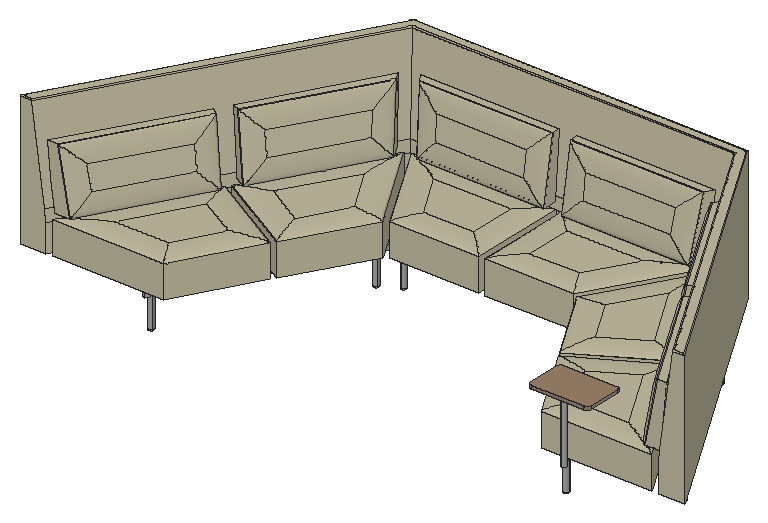
Revit family "Reveal Mid Back 983-173AT", category Furniture, Revit 2016
Family settings
  OmniClass Number = 23.40.20.00
  OmniClass Title = General Furniture and Specialties
  Work Plane-Based = No
  Always vertical = Yes
  Cut with Voids When Loaded = No
  Shared = No
  Room Calculation Point = No
Parameters
  URL = "http://www.martinbrattrud.com"
  Table Top [instance] = MB Wood Cherry
  SCS Certified Product = "Yes"
  Model = "Reveal 983-173 AT"
  Manufacturer = "Martin Brattrud, Inc."
  Leg = none
  Keynote = "125000"
  Copyright = "© 2013 Martin Brattrud, Inc."
  Chair [instance] = none
  Back Cushion [instance] = none
  Authoring Version = "Revit Architecture 2010"
  Assembly Code = "E2020200"
Reference planes
  plane 1 "Center Front/Back": y = 0
  plane 2: z = 0
  plane 3 "Center Left/Right": x = 0
  plane 4: z = 0
  plane 5: z = 1060.45
Forms (mm)
  Sweep 1, solid, material <- "Chair"
    path in 3D
      loop
        line (-19.05, -390.525, 431.8) -> (-19.05, 212.725, 431.8) -> (-926.137, 212.725, 431.8) -> (-577.85, -390.525, 431.8) -> (-19.05, -390.525, 431.8)
    profile origin (-298.45, -390.525, 431.8) x (0, 1, 0) y (0, 0, 1)
      loop
        line (153.194, 0) -> (153.194, 19.05)
        spline (153.194, 19.05) -> (133.302, 18.887) -> (113.75, 18.401) -> (94.873, 17.6) -> (76.994, 16.498) -> (60.419, 15.113) -> (45.431, 13.47) -> (32.287, 11.597) -> (21.211, 9.525) -> (12.395, 7.29) -> (5.987, 4.931) -> (2.098, 2.487) -> (0.794, 0)
        line (0.794, 0) -> (153.194, 0)
  Extrusion 2, void
    sketch origin (0, -938.609, 558.8) x (0, 1, 0) y (0, 0, 1)
      loop
        line (-471.831, 501.65) -> (-471.037, 501.65)
        arc (-471.037, 501.65) -> (-469.178, 506.14) -> (-464.687, 508) r 6.35
        line (-464.687, 508) -> (-464.687, 514.35) -> (-560.731, 514.35) -> (-560.731, -330.2) -> (-471.831, -330.2) -> (-471.831, 501.65)
    from -2133.6 to 2133.6
  Extrusion 3, solid, material <- "Leg"
    sketch origin (0, 0, 0) x (1, 0, 0) y (0, 1, 0)
      loop
        line (-603.25, 320.675) -> (-603.25, 146.05) -> (-909.639, 146.05) -> (-1062.833, -119.29) -> (-1214.063, -31.978) -> (-1223.588, -48.476) -> (-1072.358, -135.788) -> (-1656.558, -1147.652) -> (-1807.788, -1060.34) -> (-1817.313, -1076.838) -> (-1319.63, -1364.175) -> (-1333.917, -1388.922) -> (-1317.419, -1398.447) -> (-667.671, -273.05) -> (667.671, -273.05) -> (1336.73, -1431.894) -> (1353.228, -1422.369) -> (1319.63, -1364.175) -> (1817.313, -1076.838) -> (1807.788, -1060.34) -> (1656.558, -1147.652) -> (1072.358, -135.788) -> (1223.588, -48.476) -> (1214.063, -31.978) -> (1062.833, -119.29) -> (909.639, 146.05) -> (603.25, 146.05) -> (603.25, 320.675) -> (584.2, 320.675) -> (584.2, 146.05) -> (-584.2, 146.05) -> (-584.2, 320.675) -> (-603.25, 320.675)
      loop
        line (-584.2, -254) -> (-127, -254) -> (-127, 127) -> (-584.2, 127) -> (-584.2, -254)
      loop
        line (-603.25, -254) -> (-603.25, 127) -> (-898.64, 127) -> (-1046.335, -128.815) -> (-716.38, -319.315) -> (-678.67, -254) -> (-603.25, -254)
      loop
        line (-107.95, 127) -> (-107.95, -254) -> (107.95, -254) -> (107.95, 127) -> (-107.95, 127)
      loop
        line (584.2, -254) -> (584.2, 127) -> (127, 127) -> (127, -254) -> (584.2, -254)
      loop
        line (-725.905, -335.813) -> (-1055.86, -145.313) -> (-1284.46, -541.26) -> (-954.505, -731.76) -> (-725.905, -335.813)
      loop
        line (-1401.935, -744.733) -> (-1071.98, -935.233) -> (-964.03, -748.258) -> (-1293.985, -557.758) -> (-1401.935, -744.733)
      loop
        line (-1081.505, -951.731) -> (-1411.46, -761.231) -> (-1640.06, -1157.177) -> (-1310.105, -1347.677) -> (-1081.505, -951.731)
      loop
        line (603.25, -254) -> (678.67, -254) -> (716.38, -319.315) -> (1046.335, -128.815) -> (898.64, 127) -> (603.25, 127) -> (603.25, -254)
      loop
        line (725.905, -335.813) -> (954.505, -731.76) -> (1284.46, -541.26) -> (1055.86, -145.313) -> (725.905, -335.813)
      loop
        line (1401.935, -744.733) -> (1293.985, -557.758) -> (964.03, -748.258) -> (1071.98, -935.233) -> (1401.935, -744.733)
      loop
        line (1081.505, -951.731) -> (1310.105, -1347.677) -> (1640.06, -1157.177) -> (1411.46, -761.231) -> (1081.505, -951.731)
    from 190.472 to 228.6
  Extrusion 4, solid, material <- "Leg"
    sketch origin (0, 0, 0) x (1, 0, 0) y (0, 1, 0)
      loop
        line (-584.2, 276.225) -> (584.2, 276.225) -> (584.2, 352.425) -> (-584.2, 352.425) -> (-584.2, 276.225)
      loop
        line (-1769.293, -1082.565) -> (-1185.093, -70.701) -> (-1251.084, -32.601) -> (-1835.284, -1044.465) -> (-1769.293, -1082.565)
      loop
        line (1769.293, -1082.565) -> (1835.284, -1044.465) -> (1251.084, -32.601) -> (1185.093, -70.701) -> (1769.293, -1082.565)
    from 203.2 to 228.6
  Sweep 5, solid, material <- "Chair"
    path origin (0, 0, 0) x (1, 0, 0) y (0, 1, 0)
      loop
        line (2090.574, -1410.441) -> (1050.786, 390.525) -> (-1050.786, 390.525) -> (-2090.574, -1410.441)
    profile origin (0, 390.525, 0) x (0, -1, 0) y (0, 0, 1)
      loop
        line (0, 1060.45) -> (0, 228.6) -> (139.7, 228.6) -> (139.7, 401.904)
        arc (139.7, 401.904) -> (138.491, 441.381) -> (134.868, 480.71) r 645.001
        line (134.868, 480.71) -> (63.5, 1060.45) -> (0, 1060.45)
  Extrusion 6, solid, material <- "Chair"
    sketch origin (0, 0, 0) x (1, 0, 0) y (0, 1, 0)
      loop
        line (-1431.725, -624.881) -> (-1885.269, -1410.441) -> (-1188.696, -1410.441) -> (-909.296, -926.506) -> (-1431.725, -624.881)
      loop
        line (-610.846, -409.575) -> (-959.132, 193.675) -> (-1412.675, -591.885) -> (-890.246, -893.51) -> (-610.846, -409.575)
      loop
        line (-926.137, 212.725) -> (-577.85, -390.525) -> (-19.05, -390.525) -> (-19.05, 212.725) -> (-926.137, 212.725)
      loop
        line (1431.725, -624.881) -> (909.296, -926.506) -> (1188.696, -1410.441) -> (1885.269, -1410.441) -> (1431.725, -624.881)
      loop
        line (610.846, -409.575) -> (890.246, -893.51) -> (1412.675, -591.885) -> (959.132, 193.675) -> (610.846, -409.575)
      loop
        line (926.137, 212.725) -> (19.05, 212.725) -> (19.05, -390.525) -> (577.85, -390.525) -> (926.137, 212.725)
    from 228.6 to 431.8
  Extrusion 7, solid, material <- "Chair"
    sketch origin (0, 0, 0) x (1, 0, 0) y (0, 1, 0)
      loop
        line (-660.797, 59.531) -> (-489.404, -237.331) -> (-172.244, -237.331) -> (-172.244, 59.531) -> (-660.797, 59.531)
    from 431.8 to 450.85
  Sweep 8, solid, material <- "Chair"
    path in 3D
      loop
        line (19.05, -390.525, 431.8) -> (19.05, 212.725, 431.8) -> (926.137, 212.725, 431.8) -> (577.85, -390.525, 431.8) -> (19.05, -390.525, 431.8)
    profile origin (298.45, -390.525, 431.8) x (0, -1, 0) y (0, 0, 1)
      loop
        line (-153.194, 0) -> (-0.794, 0)
        spline (-0.794, 0) -> (-2.098, 2.487) -> (-5.987, 4.931) -> (-12.395, 7.29) -> (-21.211, 9.525) -> (-32.287, 11.597) -> (-45.431, 13.47) -> (-60.419, 15.113) -> (-76.994, 16.498) -> (-94.873, 17.6) -> (-113.75, 18.401) -> (-133.302, 18.887) -> (-153.194, 19.05)
        line (-153.194, 19.05) -> (-153.194, 0)
  Extrusion 9, solid, material <- "Chair"
    sketch origin (0, 0, 0) x (-1, 0, 0) y (0, -1, 0)
      loop
        line (-660.797, -59.531) -> (-172.244, -59.531) -> (-172.244, 237.331) -> (-489.404, 237.331) -> (-660.797, -59.531)
    from 431.8 to 450.85
  Sweep 10, solid, material <- "Chair"
    path in 3D
      loop
        line (-909.296, -926.506, 431.8) -> (-1431.725, -624.881, 431.8) -> (-1885.269, -1410.441, 431.8) -> (-1188.696, -1410.441, 431.8) -> (-909.296, -926.506, 431.8)
    profile origin (-1048.996, -1168.473, 431.8) x (-0.866025, 0.5, 0) y (0, 0, 1)
      loop
        line (153.194, 0) -> (153.194, 19.05)
        spline (153.194, 19.05) -> (133.302, 18.887) -> (113.75, 18.401) -> (94.873, 17.6) -> (76.994, 16.498) -> (60.419, 15.113) -> (45.431, 13.47) -> (32.287, 11.597) -> (21.211, 9.525) -> (12.395, 7.29) -> (5.987, 4.931) -> (2.098, 2.487) -> (0.794, 0)
        line (0.794, 0) -> (153.194, 0)
  Extrusion 11, solid, material <- "Chair"
    sketch origin (-1237.975, -714.745, 0) x (0.5, 0.866025, 0) y (-0.866025, 0.5, 0)
      loop
        line (-660.797, 59.531) -> (-489.404, -237.331) -> (-172.244, -237.331) -> (-172.244, 59.531) -> (-660.797, 59.531)
    from 431.8 to 450.85
  Sweep 12, solid, material <- "Chair"
    path in 3D
      loop
        line (-890.246, -893.51, 431.8) -> (-1412.675, -591.885, 431.8) -> (-959.132, 193.675, 431.8) -> (-610.846, -409.575, 431.8) -> (-890.246, -893.51, 431.8)
    profile origin (-750.546, -651.542, 431.8) x (0.866025, -0.5, 0) y (0, 0, 1)
      loop
        line (-153.194, 0) -> (-0.794, 0)
        spline (-0.794, 0) -> (-2.098, 2.487) -> (-5.987, 4.931) -> (-12.395, 7.29) -> (-21.211, 9.525) -> (-32.287, 11.597) -> (-45.431, 13.47) -> (-60.419, 15.113) -> (-76.994, 16.498) -> (-94.873, 17.6) -> (-113.75, 18.401) -> (-133.302, 18.887) -> (-153.194, 19.05)
        line (-153.194, 19.05) -> (-153.194, 0)
  Extrusion 13, solid, material <- "Chair"
    sketch origin (-1237.975, -714.745, 0) x (-0.5, -0.866025, 0) y (0.866025, -0.5, 0)
      loop
        line (-660.797, -59.531) -> (-172.244, -59.531) -> (-172.244, 237.331) -> (-489.404, 237.331) -> (-660.797, -59.531)
    from 431.8 to 450.85
  Sweep 14, solid, material <- "Chair"
    path in 3D
      loop
        line (909.296, -926.506, 431.8) -> (1431.725, -624.881, 431.8) -> (1885.269, -1410.441, 431.8) -> (1188.696, -1410.441, 431.8) -> (909.296, -926.506, 431.8)
    profile origin (1048.996, -1168.473, 431.8) x (-0.866025, -0.5, 0) y (0, 0, 1)
      loop
        line (-153.194, 0) -> (-0.794, 0)
        spline (-0.794, 0) -> (-2.098, 2.487) -> (-5.987, 4.931) -> (-12.395, 7.29) -> (-21.211, 9.525) -> (-32.287, 11.597) -> (-45.431, 13.47) -> (-60.419, 15.113) -> (-76.994, 16.498) -> (-94.873, 17.6) -> (-113.75, 18.401) -> (-133.302, 18.887) -> (-153.194, 19.05)
        line (-153.194, 19.05) -> (-153.194, 0)
  Extrusion 15, solid, material <- "Chair"
    sketch origin (1237.975, -714.745, 0) x (-0.5, 0.866025, 0) y (-0.866025, -0.5, 0)
      loop
        line (-660.797, -59.531) -> (-172.244, -59.531) -> (-172.244, 237.331) -> (-489.404, 237.331) -> (-660.797, -59.531)
    from 431.8 to 450.85
  Sweep 16, solid, material <- "Chair"
    path in 3D
      loop
        line (890.246, -893.51, 431.8) -> (1412.675, -591.885, 431.8) -> (959.132, 193.675, 431.8) -> (610.846, -409.575, 431.8) -> (890.246, -893.51, 431.8)
    profile origin (750.546, -651.542, 431.8) x (0.866025, 0.5, 0) y (0, 0, 1)
      loop
        line (153.194, 0) -> (153.194, 19.05)
        spline (153.194, 19.05) -> (133.302, 18.887) -> (113.75, 18.401) -> (94.873, 17.6) -> (76.994, 16.498) -> (60.419, 15.113) -> (45.431, 13.47) -> (32.287, 11.597) -> (21.211, 9.525) -> (12.395, 7.29) -> (5.987, 4.931) -> (2.098, 2.487) -> (0.794, 0)
        line (0.794, 0) -> (153.194, 0)
  Extrusion 17, solid, material <- "Chair"
    sketch origin (1237.975, -714.745, 0) x (0.5, -0.866025, 0) y (0.866025, 0.5, 0)
      loop
        line (-660.797, 59.531) -> (-489.404, -237.331) -> (-172.244, -237.331) -> (-172.244, 59.531) -> (-660.797, 59.531)
    from 431.8 to 450.85
  Sweep 18, solid, material <- "Chair"
    path origin (0, 0, 0) x (1, 0, 0) y (0, 1, 0)
      loop
        line (-1965.11, -1372.341) -> (-999.053, 300.919) -> (999.053, 300.919) -> (1965.11, -1372.341)
    profile origin (0, 300.919, 0) x (0, 1, 0) y (0, 0, 1)
      loop
        line (-48.848, 447.17) -> (-16.628, 844.552) -> (-67.428, 844.552) -> (-136.165, 447.17) -> (-48.848, 447.17)
  Extrusion 19, void
    sketch origin (0, 0, 0) x (1, 0, 0) y (0, 1, 0)
      loop
        line (-1527.154, -613.779) -> (-1401.282, -686.451) -> (-1344.132, -587.464) -> (-1470.004, -514.792) -> (-1527.154, -613.779)
      loop
        line (-930.152, 67.28) -> (-831.165, 124.43) -> (-950.632, 331.352) -> (-1049.618, 274.202) -> (-930.152, 67.28)
      loop
        line (-1797.28, -1372.341) -> (-1968.73, -1372.341) -> (-1968.73, -1467.591) -> (-1797.28, -1467.591) -> (-1797.28, -1372.341)
      loop
        line (1527.154, -613.779) -> (1470.004, -514.792) -> (1344.132, -587.464) -> (1401.282, -686.451) -> (1527.154, -613.779)
      loop
        line (930.152, 67.28) -> (1049.618, 274.202) -> (950.632, 331.352) -> (831.165, 124.43) -> (930.152, 67.28)
      loop
        line (1797.28, -1372.341) -> (1797.28, -1467.591) -> (1968.73, -1467.591) -> (1968.73, -1372.341) -> (1797.28, -1372.341)
      loop
        line (-57.15, 300.919) -> (-57.15, 155.575) -> (57.15, 155.575) -> (57.15, 300.919) -> (-57.15, 300.919)
    from 447.17 to 844.552
  Sweep 20, solid, material <- "Chair"
    path in 3D
      loop
        line (-894.132, 233.491, 844.552) -> (-854.447, 164.755, 447.17) -> (-57.15, 164.755, 447.17) -> (-57.15, 233.491, 844.552) -> (-894.132, 233.491, 844.552)
    profile origin (-475.641, 233.491, 844.552) x (0, -1, 0) y (0, 0, 1)
      loop
        line (0.135, -0.782) -> (25.975, -150.17) -> (41.618, -147.464) -> (37.424, -123.218)
        spline (37.424, -123.218) -> (34.465, -106.907) -> (31.289, -90.921) -> (27.95, -75.534) -> (24.505, -61.01) -> (21.014, -47.596) -> (17.536, -35.522) -> (14.131, -24.995) -> (10.857, -16.195) -> (7.769, -9.273) -> (4.921, -4.346) -> (2.362, -1.5) -> (0.135, -0.782)
  Sweep 21, solid, material <- "Chair"
    path in 3D
      loop
        line (209.55, 190.73, 597.34) -> (209.55, 175.088, 600.046)
    profile origin (209.55, 182.909, 598.693) x (0, -0.170442, -0.985368) y (1, 0, 0)
      loop
        line (0, 0) -> (0, 506.758) -> (-98.483, 516.449) -> (-98.483, 0) -> (0, 0)
  Sweep 22, solid, material <- "Chair"
    path in 3D
      loop
        line (-1298.377, -437.905, 597.34) -> (-1284.83, -445.726, 600.046)
    profile origin (-1291.604, -441.815, 598.693) x (0.147607, -0.085221, -0.985368) y (0.5, 0.866025, 0)
      loop
        line (0, 0) -> (0, 506.758) -> (-98.483, 516.449) -> (-98.483, 0) -> (0, 0)
  Sweep 23, solid, material <- "Chair"
    path in 3D
      loop
        line (1284.83, -445.726, 600.046) -> (1298.377, -437.905, 597.34)
    profile origin (1291.604, -441.815, 598.693) x (-0.147607, -0.085221, -0.985368) y (-0.5, 0.866025, 0)
      loop
        line (0, 0) -> (0, 506.758) -> (-98.483, 516.449) -> (-98.483, 0) -> (0, 0)
  Sweep 24, solid, material <- "Chair"
    path in 3D
      loop
        line (-209.55, 190.73, 597.34) -> (-209.55, 175.088, 600.046)
    profile origin (-209.55, 182.909, 598.693) x (0, 0.170442, 0.985368) y (-1, 0, 0)
      loop
        line (0, 0) -> (98.483, 0) -> (98.483, 516.449) -> (0, 506.758) -> (0, 0)
  Sweep 25, solid, material <- "Chair"
    path in 3D
      loop
        line (-1507.927, -800.856, 597.34) -> (-1494.38, -808.677, 600.046)
    profile origin (-1501.154, -804.766, 598.693) x (0, 0.326935, 0.945047) y (-0.521333, -0.806459, 0.278991)
      loop
        line (0, 0) -> (94.453, 27.884) -> (-51.772, 523.2) -> (-143.48, 486.021) -> (0, 0)
  Sweep 26, solid, material <- "Chair"
    path in 3D
      loop
        line (1507.927, -800.856, 597.34) -> (1494.38, -808.677, 600.046)
    profile origin (1501.154, -804.766, 598.693) x (0, -0.326935, -0.945047) y (0.521333, -0.806459, 0.278991)
      loop
        line (0, 0) -> (143.48, 486.021) -> (51.772, 523.2) -> (-94.453, 27.884) -> (0, 0)
  Sweep 27, solid, material <- "Chair"
    path in 3D
      loop
        line (894.132, 233.491, 844.552) -> (854.447, 164.755, 447.17) -> (57.15, 164.755, 447.17) -> (57.15, 233.491, 844.552) -> (894.132, 233.491, 844.552)
    profile origin (475.641, 233.491, 844.552) x (0, 1, 0) y (0, 0, 1)
      loop
        spline (-0.135, -0.782) -> (-2.362, -1.5) -> (-4.921, -4.346) -> (-7.769, -9.273) -> (-10.857, -16.195) -> (-14.131, -24.995) -> (-17.536, -35.522) -> (-21.014, -47.596) -> (-24.505, -61.01) -> (-27.95, -75.534) -> (-31.289, -90.921) -> (-34.465, -106.907) -> (-37.424, -123.218)
        line (-37.424, -123.218) -> (-41.618, -147.464) -> (-25.975, -150.17) -> (-0.135, -0.782)
  Sweep 28, solid, material <- "Chair"
    path in 3D
      loop
        line (-1887.25, -1372.341, 844.552) -> (-1807.881, -1372.341, 447.17) -> (-1409.232, -681.861, 447.17) -> (-1468.759, -647.493, 844.552) -> (-1887.25, -1372.341, 844.552)
    profile origin (-1678.005, -1009.917, 844.552) x (0.866025, -0.5, 0) y (0, 0, 1)
      loop
        line (0.135, -0.782) -> (25.975, -150.17) -> (41.618, -147.464) -> (37.424, -123.218)
        spline (37.424, -123.218) -> (34.465, -106.907) -> (31.289, -90.921) -> (27.95, -75.534) -> (24.505, -61.01) -> (21.014, -47.596) -> (17.536, -35.522) -> (14.131, -24.995) -> (10.857, -16.195) -> (7.769, -9.273) -> (4.921, -4.346) -> (2.362, -1.5) -> (0.135, -0.782)
  Sweep 29, solid, material <- "Chair"
    path in 3D
      loop
        line (-993.119, 176.341, 844.552) -> (-953.434, 107.605, 447.17) -> (-1352.082, -582.874, 447.17) -> (-1411.609, -548.506, 844.552) -> (-993.119, 176.341, 844.552)
    profile origin (-1202.364, -186.083, 844.552) x (-0.866025, 0.5, 0) y (0, 0, 1)
      loop
        spline (-0.135, -0.782) -> (-2.362, -1.5) -> (-4.921, -4.346) -> (-7.769, -9.273) -> (-10.857, -16.195) -> (-14.131, -24.995) -> (-17.536, -35.522) -> (-21.014, -47.596) -> (-24.505, -61.01) -> (-27.95, -75.534) -> (-31.289, -90.921) -> (-34.465, -106.907) -> (-37.424, -123.218)
        line (-37.424, -123.218) -> (-41.618, -147.464) -> (-25.975, -150.17) -> (-0.135, -0.782)
  Sweep 30, solid, material <- "Chair"
    path in 3D
      loop
        line (993.119, 176.341, 844.552) -> (953.434, 107.605, 447.17) -> (1352.082, -582.874, 447.17) -> (1411.609, -548.506, 844.552) -> (993.119, 176.341, 844.552)
    profile origin (1202.364, -186.083, 844.552) x (-0.866025, -0.5, 0) y (0, 0, 1)
      loop
        line (0.135, -0.782) -> (25.975, -150.17) -> (41.618, -147.464) -> (37.424, -123.218)
        spline (37.424, -123.218) -> (34.465, -106.907) -> (31.289, -90.921) -> (27.95, -75.534) -> (24.505, -61.01) -> (21.014, -47.596) -> (17.536, -35.522) -> (14.131, -24.995) -> (10.857, -16.195) -> (7.769, -9.273) -> (4.921, -4.346) -> (2.362, -1.5) -> (0.135, -0.782)
  Sweep 31, solid, material <- "Chair"
    path in 3D
      loop
        line (1887.25, -1372.341, 844.552) -> (1807.881, -1372.341, 447.17) -> (1409.232, -681.861, 447.17) -> (1468.759, -647.493, 844.552) -> (1887.25, -1372.341, 844.552)
    profile origin (1678.005, -1009.917, 844.552) x (0.866025, 0.5, 0) y (0, 0, 1)
      loop
        spline (-0.135, -0.782) -> (-2.362, -1.5) -> (-4.921, -4.346) -> (-7.769, -9.273) -> (-10.857, -16.195) -> (-14.131, -24.995) -> (-17.536, -35.522) -> (-21.014, -47.596) -> (-24.505, -61.01) -> (-27.95, -75.534) -> (-31.289, -90.921) -> (-34.465, -106.907) -> (-37.424, -123.218)
        line (-37.424, -123.218) -> (-41.618, -147.464) -> (-25.975, -150.17) -> (-0.135, -0.782)
  Sweep 32, solid, material <- "Chair"
    path in 3D
      loop
        line (2035.136, -1442.448, 1060.45) -> (1013.827, 326.51, 1060.45) -> (-1013.827, 326.51, 1060.45) -> (-2035.136, -1442.448, 1060.45)
    profile origin (0, 326.51, 1060.45) x (0, -1, 0) y (0, 0, 1)
      loop
        line (-7.144, 6.35) -> (-56.78, 6.35)
        arc (-56.78, 6.35) -> (-61.27, 4.49) -> (-63.13, 0) r 6.35
        line (-63.13, 0) -> (-0.794, 0)
        arc (-0.794, 0) -> (-2.654, 4.49) -> (-7.144, 6.35) r 6.35
  Extrusion 33, solid, material <- "Leg"
    sketch origin (1607.996, -718.291, 0) x (0, -1, 0) y (1, 0, 0)
      loop
        circle (708.025, -263.525) r 15.875
    from 190.472 to 634.994
  Extrusion 34, solid, material "MB Wood Cherry" <- "Table Top"
    sketch origin (1887.809, -621.758, 0) x (0, -1, 0) y (1, 0, 0)
      loop
        line (702.957, -670.338) -> (906.157, -670.338)
        arc (906.157, -670.338) -> (924.118, -662.899) -> (931.557, -644.938) r 25.4
        line (931.557, -644.938) -> (931.557, -314.738)
        arc (931.557, -314.738) -> (924.118, -296.778) -> (906.157, -289.338) r 25.4
        line (906.157, -289.338) -> (702.957, -289.338)
        arc (702.957, -289.338) -> (684.997, -296.778) -> (677.557, -314.738) r 25.4
        line (677.557, -314.738) -> (677.557, -644.938)
        arc (677.557, -644.938) -> (684.997, -662.899) -> (702.957, -670.338) r 25.4
    from 641.351 to 660.401
Cuts and joins
  Extrusion 2 cuts Sweep 5
  Extrusion 19 cuts Sweep 18
  joined: Sweep 14, Extrusion 15
  joined: Sweep 16, Extrusion 17
  joined: Sweep 8, Extrusion 9
  joined: Sweep 1, Extrusion 7
  joined: Sweep 12, Extrusion 13
  joined: Sweep 10, Extrusion 11
  joined: Sweep 25, Sweep 28
  joined: Sweep 22, Sweep 29
  joined: Sweep 20, Sweep 24
  joined: Sweep 21, Sweep 27
  joined: Sweep 23, Sweep 30
  joined: Sweep 26, Sweep 31
  Extrusion 2 cuts Sweep 32
  joined: Extrusion 3, Extrusion 33
Lines and regions (mm)
  sketch lines
    curve 1: line (-577.85, -390.525, 431.8) -> (-19.05, -390.525, 431.8)
    curve 2: line (-926.137, 212.725, 431.8) -> (-577.85, -390.525, 431.8)
    curve 3: line (-19.05, 212.725, 431.8) -> (-926.137, 212.725, 431.8)
    curve 4: line (-19.05, -390.525, 431.8) -> (-19.05, 212.725, 431.8)
    curve 5: line (577.85, -390.525, 431.8) -> (19.05, -390.525, 431.8)
    curve 6: line (926.137, 212.725, 431.8) -> (577.85, -390.525, 431.8)
    curve 7: line (19.05, 212.725, 431.8) -> (926.137, 212.725, 431.8)
    curve 8: line (19.05, -390.525, 431.8) -> (19.05, 212.725, 431.8)
    curve 9: line (-1188.696, -1410.441, 431.8) -> (-909.296, -926.506, 431.8)
    curve 10: line (-1885.269, -1410.441, 431.8) -> (-1188.696, -1410.441, 431.8)
    curve 11: line (-1431.725, -624.881, 431.8) -> (-1885.269, -1410.441, 431.8)
    curve 12: line (-909.296, -926.506, 431.8) -> (-1431.725, -624.881, 431.8)
    curve 13: line (-610.846, -409.575, 431.8) -> (-890.246, -893.51, 431.8)
    curve 14: line (-959.132, 193.675, 431.8) -> (-610.846, -409.575, 431.8)
    curve 15: line (-1412.675, -591.885, 431.8) -> (-959.132, 193.675, 431.8)
    curve 16: line (-890.246, -893.51, 431.8) -> (-1412.675, -591.885, 431.8)
    curve 17: line (1188.696, -1410.441, 431.8) -> (909.296, -926.506, 431.8)
    curve 18: line (1885.269, -1410.441, 431.8) -> (1188.696, -1410.441, 431.8)
    curve 19: line (1431.725, -624.881, 431.8) -> (1885.269, -1410.441, 431.8)
    curve 20: line (909.296, -926.506, 431.8) -> (1431.725, -624.881, 431.8)
    curve 21: line (610.846, -409.575, 431.8) -> (890.246, -893.51, 431.8)
    curve 22: line (959.132, 193.675, 431.8) -> (610.846, -409.575, 431.8)
    curve 23: line (1412.675, -591.885, 431.8) -> (959.132, 193.675, 431.8)
    curve 24: line (890.246, -893.51, 431.8) -> (1412.675, -591.885, 431.8)
    curve 25: line (-57.15, 233.491, 844.552) -> (-894.132, 233.491, 844.552)
    curve 26: line (-854.447, 164.755, 447.17) -> (-894.132, 233.491, 844.552)
    curve 27: line (-57.15, 164.755, 447.17) -> (-854.447, 164.755, 447.17)
    curve 28: line (-57.15, 233.491, 844.552) -> (-57.15, 164.755, 447.17)
    curve 29: line (209.55, 190.73, 597.34) -> (209.55, 175.088, 600.046)
    curve 30: line (-1298.377, -437.905, 597.34) -> (-1284.83, -445.726, 600.046)
    curve 31: line (1284.83, -445.726, 600.046) -> (1298.377, -437.905, 597.34)
    curve 32: line (-209.55, 190.73, 597.34) -> (-209.55, 175.088, 600.046)
    curve 33: line (-1507.927, -800.856, 597.34) -> (-1494.38, -808.677, 600.046)
    curve 34: line (1507.927, -800.856, 597.34) -> (1494.38, -808.677, 600.046)
    curve 35: line (57.15, 233.491, 844.552) -> (894.132, 233.491, 844.552)
    curve 36: line (854.447, 164.755, 447.17) -> (894.132, 233.491, 844.552)
    curve 37: line (57.15, 164.755, 447.17) -> (854.447, 164.755, 447.17)
    curve 38: line (57.15, 233.491, 844.552) -> (57.15, 164.755, 447.17)
    curve 39: line (-1468.759, -647.493, 844.552) -> (-1887.25, -1372.341, 844.552)
    curve 40: line (-1807.881, -1372.341, 447.17) -> (-1887.25, -1372.341, 844.552)
    curve 41: line (-1409.232, -681.861, 447.17) -> (-1807.881, -1372.341, 447.17)
    curve 42: line (-1468.759, -647.493, 844.552) -> (-1409.232, -681.861, 447.17)
    curve 43: line (-1411.609, -548.506, 844.552) -> (-993.119, 176.341, 844.552)
    curve 44: line (-953.434, 107.605, 447.17) -> (-993.119, 176.341, 844.552)
    curve 45: line (-1352.082, -582.874, 447.17) -> (-953.434, 107.605, 447.17)
    curve 46: line (-1411.609, -548.506, 844.552) -> (-1352.082, -582.874, 447.17)
    curve 47: line (1411.609, -548.506, 844.552) -> (993.119, 176.341, 844.552)
    curve 48: line (953.434, 107.605, 447.17) -> (993.119, 176.341, 844.552)
    curve 49: line (1352.082, -582.874, 447.17) -> (953.434, 107.605, 447.17)
    curve 50: line (1411.609, -548.506, 844.552) -> (1352.082, -582.874, 447.17)
    curve 51: line (1468.759, -647.493, 844.552) -> (1887.25, -1372.341, 844.552)
    curve 52: line (1807.881, -1372.341, 447.17) -> (1887.25, -1372.341, 844.552)
    curve 53: line (1409.232, -681.861, 447.17) -> (1807.881, -1372.341, 447.17)
    curve 54: line (1468.759, -647.493, 844.552) -> (1409.232, -681.861, 447.17)
    curve 55: line (1013.827, 326.51, 1060.45) -> (-1013.827, 326.51, 1060.45)
    curve 56: line (-1013.827, 326.51, 1060.45) -> (-2035.136, -1442.448, 1060.45)
    curve 57: line (2035.136, -1442.448, 1060.45) -> (1013.827, 326.51, 1060.45)
Nested families
  nested 1: "Reveal Leg" at (593.677, -263.525, 0) x (-1, 0, 0) z (0, 0, 1), type "Reveal Leg"
  nested 2: "Reveal Leg" at (-593.677, -263.525, 0), type "Reveal Leg"
  nested 3: "Reveal Leg" at (-712.917, -332.368, 0) x (-0.5, -0.866, 0) z (0, 0, 1), type "Reveal Leg"
  nested 4: "Reveal Leg" at (-1306.594, -1360.647, 0) x (0.5, 0.866, 0) z (0, 0, 1), type "Reveal Leg"
  nested 5: "Reveal Leg" at (712.917, -332.368, 0) x (0.5, -0.866, 0) z (0, 0, 1), type "Reveal Leg"
  nested 6: "Reveal Leg" at (1306.594, -1360.647, 0) x (-0.5, 0.866, 0) z (0, 0, 1), type "Reveal Leg"
  nested 7: "Reveal Leg" at (-593.725, 320.675, 0), type "Reveal Leg"
  nested 8: "Reveal Leg" at (593.725, 320.675, 0) x (-1, 0, 0) z (0, 0, 1), type "Reveal Leg"
  nested 9: "Reveal Leg" at (-1812.55, -1068.589, 0) x (0.5, 0.866, 0) z (0, 0, 1), type "Reveal Leg"
  nested 10: "Reveal Leg" at (-1218.825, -40.227, 0) x (-0.5, -0.866, 0) z (0, 0, 1), type "Reveal Leg"
  nested 11: "Reveal Leg" at (1812.55, -1068.589, 0) x (-0.5, 0.866, 0) z (0, 0, 1), type "Reveal Leg"
  nested 12: "Reveal Leg" at (1218.825, -40.227, 0) x (0.5, -0.866, 0) z (0, 0, 1), type "Reveal Leg"
Definition of nested family "Reveal Leg"
  Parameters
    URL = "http://www.martinbrattrud.com"
    SCS Certified Product = ""
    Model = ""
    Leg = none
    Manufacturer = "Martin Brattrud, Inc."
    Keynote = "125000"
    Copyright = "© 2013 Martin Brattrud, Inc."
    Authoring Version = "Revit Architecture 2010"
    Assembly Code = "E2020200"
  Reference planes
    plane 1 "Center Front/Back": y = 0
    plane 2: z = 0
    plane 3 "Center Left/Right": x = 0
    plane 4: z = 228.6
  Forms (mm)
    Revolve 1, solid, material <- "Leg"
      sketch origin (0, 0, 0) x (0, 1, 0) y (0, 0, 1)
        loop
          line (0, 228.6) -> (-15.875, 228.6) -> (-15.875, 6.35) -> (-6.35, 6.35) -> (-6.35, 3.175) -> (-15.875, 3.175) -> (-15.875, 0) -> (0, 0) -> (0, 228.6)
        axis (0, 228.6) -> (0, 0)
      angle from 0 to 360
